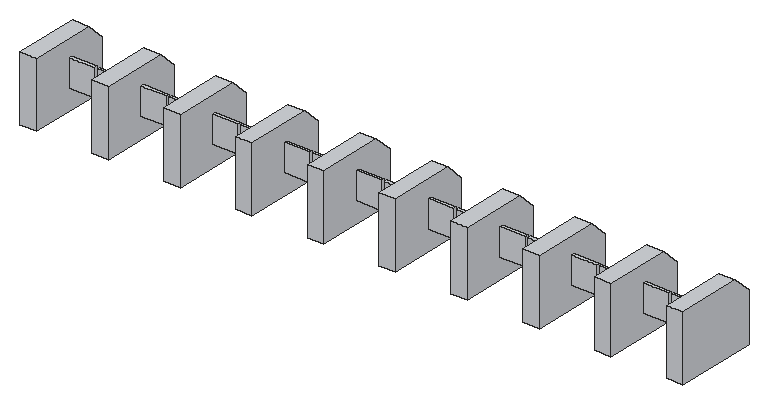
Revit family "TurnStile_VersionAlt", category Generic Models, Revit 2025
Family settings
  Can host rebar = No
  Round Connector Dimension = Use Diameter
  Part Type = Normal
  Work Plane-Based = No
  Always vertical = Yes
  Cut with Voids When Loaded = No
  Maintain Annotation Orientation = No
  Shared = No
  Room Calculation Point = No
Parameters (values of type "SD")
  turnstile w [instance] = 1' - 0"  # constant formula
  num_array act [instance] = (L - edge offset * 2) / (module_desired) - 1  # 9
  module_desired [instance] = turnstile w + gap_desired  # 4' - 0"
  module_act [instance] = (L - edge offset * 2) / (num_array act)  # 4' - 4"
  gap_desired = 3' - 0"
  edge offset [instance] = turnstile w / 2  # 0' - 6"
  L [instance] = 40' - 0"
  Default Elevation = 0' - 0"
Reference planes (in)
  plane 1 "Center (Front/Back)": y = 0
  plane 2: z = 0
  plane 3 "Center (Left/Right)": x = 0
  plane 4: x = 480
  plane 5: x = 6
  plane 6: x = 422
  plane 7: x = 474
Dimensions and locks (in)
  "L": plane 3 "Center (Left/Right)" to plane 4
  "edge offset": plane 3 "Center (Left/Right)" to plane 5
  equal spacing: group 1, group 3, group 4, group 5, group 6, group 7, group 8, group 9, group 2  (x3)
  "module_act": plane 6 to plane 7
  "edge offset": plane 7 to plane 4
  aligned and locked: plane 2 to level
  aligned and locked: plane 1 "Center (Front/Back)" to nested 1
  aligned and locked: nested 2 to plane 6
  aligned and locked: plane 1 "Center (Front/Back)" to nested 2
  aligned and locked: plane 1 "Center (Front/Back)" to nested 4
  aligned and locked: plane 7 to nested 4
  aligned and locked: nested 1 to plane 5
Nested families (in)
  nested 1: "single turnstile" at (6, 0, 0), gap <- "gap_desired", actual module <- "module_act", type "single turnstile"
    with show_door yes, gap 3' - 4", door swing 1' - 7", door from CL 2' - 1", actual module 4' - 4"
  nested 2: "single turnstile" at (422, 0, 0), gap <- "gap_desired", actual module <- "module_act", type "single turnstile"
    with show_door yes, gap 3' - 4", door swing 1' - 7", door from CL 2' - 1", actual module 4' - 4"
  nested 3: "single turnstile" at (58, 0, 0), gap <- "gap_desired", actual module <- "module_act", type "single turnstile"
    with show_door yes, gap 3' - 4", door swing 1' - 7", door from CL 2' - 1", actual module 4' - 4"
  nested 4: "single turnstile" at (474, 0, 0), type "single turnstile"
    with show_door no, gap 6' - 11.45669", door swing 3' - 4.72835", door from CL 3' - 10.72835", actual module 7' - 11.45669"
  nested 5: "single turnstile" at (110, 0, 0), gap <- "gap_desired", actual module <- "module_act", type "single turnstile"
    with show_door yes, gap 3' - 4", door swing 1' - 7", door from CL 2' - 1", actual module 4' - 4"
  nested 6: "single turnstile" at (162, 0, 0), gap <- "gap_desired", actual module <- "module_act", type "single turnstile"
    with show_door yes, gap 3' - 4", door swing 1' - 7", door from CL 2' - 1", actual module 4' - 4"
  nested 7: "single turnstile" at (214, 0, 0), gap <- "gap_desired", actual module <- "module_act", type "single turnstile"
    with show_door yes, gap 3' - 4", door swing 1' - 7", door from CL 2' - 1", actual module 4' - 4"
  nested 8: "single turnstile" at (266, 0, 0), gap <- "gap_desired", actual module <- "module_act", type "single turnstile"
    with show_door yes, gap 3' - 4", door swing 1' - 7", door from CL 2' - 1", actual module 4' - 4"
  nested 9: "single turnstile" at (318, 0, 0), gap <- "gap_desired", actual module <- "module_act", type "single turnstile"
    with show_door yes, gap 3' - 4", door swing 1' - 7", door from CL 2' - 1", actual module 4' - 4"
  nested 10: "single turnstile" at (370, 0, 0), gap <- "gap_desired", actual module <- "module_act", type "single turnstile"
    with show_door yes, gap 3' - 4", door swing 1' - 7", door from CL 2' - 1", actual module 4' - 4"
Definition of nested family "single turnstile"
  Parameters (values of type "single turnstile")
    show_door [instance] = yes
    machine W = 1' - 0"  # constant formula
    inner gap = machine W / 2  # 0' - 6"
    gap [instance] = actual module - machine W  # 3' - 0"
    door thickness = 0' - 2"  # constant formula
    door swing [instance] = door from CL - machine W / 2  # 1' - 5"
    door from CL [instance] = actual module / 2 - 0' 1"  # 1' - 11"
    actual module [instance] = 4' - 0"
    Default Elevation = 0' - 0"
  Reference planes (in)
    plane 1 "Center (Front/Back)": y = 0
    plane 2: z = 0
    plane 3 "Center (Left/Right)": x = 0
    plane 4: x = 48
  Forms (in)
    Extrusion 1, solid
      sketch origin (0, 0, 0) x (1, 0, 0) y (0, 1, 0)
        loop
          line (-6, 29.52756) -> (-6, -29.52756) -> (6, -29.52756) -> (6, 29.52756) -> (-6, 29.52756)
      from 0 to 47.24409
    Extrusion 2, solid, visible <- "show_door"
      sketch origin (0, 0, 0) x (1, 0, 0) y (0, 1, 0)
        loop
          line (6, 1) -> (6, -1) -> (23, -1) -> (23, 1) -> (6, 1)
        loop
          line (25, 1) -> (25, -1) -> (42, -1) -> (42, 1) -> (25, 1)
      from 15.74803 to 35.43307
    Extrusion 3, void
      sketch origin (0, 0, 0) x (0, 1, 0) y (0, 0, 1)
        loop
          line (9.08833, 55.8723) -> (29.52756, 35.43307) -> (43.734, 35.43307) -> (43.734, 55.8723) -> (9.08833, 55.8723)
      from -24.34047 to 9.84252
  Cuts and joins
    Extrusion 3 cuts Extrusion 1
  Lines and regions (in)
    symbolic lines, visible <- "show_door"
      curve 1: arc (23, 0, 0) -> (18.02082, -12.02082, 0) -> (6, -17, 0) r 17
      curve 2: arc (25, 0, 0) -> (29.97918, -12.02082, 0) -> (42, -17, 0) r 17
  Dimensions and locks (in)
    "door from CL": plane 3 "Center (Left/Right)" to Extrusion 2 sketch curve
    equal spacing: Extrusion 1 sketch curve, plane 3 "Center (Left/Right)", Extrusion 1 sketch curve
    "machine W": Extrusion 1 sketch curve to Extrusion 1 sketch curve
    "actual module": plane 3 "Center (Left/Right)" to plane 4
    "inner gap": plane 3 "Center (Left/Right)" to Extrusion 2 sketch curve
    equal spacing: Extrusion 2 sketch curve, plane 1 "Center (Front/Back)", Extrusion 2 sketch curve
    "door thickness": Extrusion 2 sketch curve to Extrusion 2 sketch curve
    "door from CL": Extrusion 2 sketch curve to plane 4
    "inner gap": Extrusion 2 sketch curve to plane 4
    "inner gap": plane 3 "Center (Left/Right)" to curve 1
    "inner gap": curve 2 to plane 4
    "door swing": radius of curve 2
    "door swing": radius of curve 1
    aligned and locked: plane 2 to level
    aligned and locked: Extrusion 2 sketch curve to Extrusion 2 sketch curve  (x2)
  Automatic sketch dimensions
    Extrusion 3 sketch curve to plane 1 "Center (Front/Back)" = 2' - 5.52756"
    Extrusion 3 sketch curve to Extrusion 3 sketch curve = 1' - 2.20644"
    Extrusion 3 sketch curve to plane 1 "Center (Front/Back)" = 0' - 9.08833"
    Extrusion 3 sketch curve to Extrusion 3 sketch curve = 1' - 8.43923"
    level to Extrusion 3 sketch curve = 2' - 11.43307"
    plane 1 "Center (Front/Back)" to curve 1 = 0' - 0"
    plane 1 "Center (Front/Back)" to curve 2 = 0' - 0"
    plane 1 "Center (Front/Back)" to Extrusion 1 sketch curve = 2' - 5.52756"
    Extrusion 1 sketch curve to plane 1 "Center (Front/Back)" = 2' - 5.52756"
